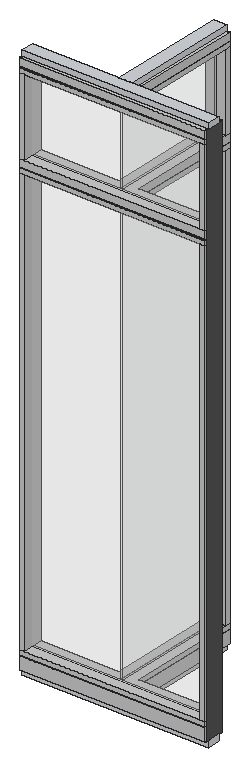
Revit family "Haworth_Enclose_Wall_Glass3wayTransom", category Furniture Systems, Revit 2018
Family settings
  Round Connector Dimension = Use Diameter
  Part Type = Normal
  OmniClass Number = 23.25.40.14
  OmniClass Title = Demountable Partitions
  Work Plane-Based = No
  Always vertical = Yes
  Cut with Voids When Loaded = No
  Shared = Yes
  Room Calculation Point = No
Parameters (values of type "36" x 108"")
  Width 2 = 24"
  Warranty = "http://www.haworth.com/resources/product-info/warranties"
  URL - Product = "http://www.haworth.com/products/architectural-interiors/moveable-walls/enclose"
  Type Comments = ""
  Sustainability Info = "http://www.haworth.com/company-info/sustainablility"
  Panel Width 2 = Actual Width 2 - Vertical Frame Width - End of Run Width - 0.2"  # 22.77"
  Panel Height 2 = Actual Height - Actual Glass Panel Height - Horizontal Transom Frame Width - Horizontal Top Adjuster Width - Horizontal Frame Width  # 14"
  Model = "Haworth Enclose Wall"  # constant formula
  Min. Width 2 = 12"  # constant formula
  Material Options = "http://surfaces.haworth.com/haworth-surface-collection"
  Width = 36"
  Vertical Frame Width = 0.875"  # constant formula
  URL = "www.haworth.com"
  Size = "Verify Final Dim. w/ Haworth"  # constant formula
  Revision Number = "3"  # constant formula
  Panel Width 1 = Actual Width - (2 * Vertical Frame Width) - (2 * End of Run Width)  # 33.94"
  Panel Height 1 = Actual Glass Panel Height - Horizontal Bottom Adjuster Width - Horizontal Frame Width  # 83.255"
  Panel Depth = 0.4"  # constant formula
  Min/Max Width = "8-60 in."  # constant formula
  Min/Max Height = "92-144 in."  # constant formula
  Horizontal Transom Frame Width = 2.5"  # constant formula
  Horizontal Top Trim Width = 1.43"  # constant formula
  Horizontal Top Adjuster Width = Cap Height + Horizontal Top Trim Width + 0.195"  # 2.625"
  Horizontal Bottom Adjuster Width = Base Height + Horizontal Bottom Trim Width + 0.195"  # 3.87"
  Glass Offset = Horizontal Bottom Adjuster Width + Horizontal Frame Width  # 4.745"
  Min. Width = 8"  # constant formula
  Max. Width = 60"  # constant formula
  Min. Height = 92"  # constant formula
  Max. Height = 144"  # constant formula
  Manufacturer = "Haworth"  # constant formula
  Horizontal Frame Width = 0.875"  # constant formula
  Horizontal Bottom Trim Width = 2.425"  # constant formula
  Height = 108"
  Glass Finish = Haworth _ Glass _ Clear
  Frame Finish = Haworth _ Metal _ Brushed Aluminum
  End of Run Width = 0.155"  # constant formula
  Frame Depth = 4"  # constant formula
  End of Run Panel 2 Width [instance] = if(End of Run Panel 2, 1.845", 0.155")  # 0.155"
  End of Run Right Width [instance] = if(End of Run Right, 1.845", End of Run Width)  # 0.155"
  End of Run Panel 2 [instance] = no
  End of Run Right [instance] = no
  End of Run Left Width [instance] = if(End of Run Left, 1.845", End of Run Width)  # 0.155"
  End of Run Left [instance] = no
  End of Run Finish = Haworth _ Polymer _ Black
  Description = "Glass_3way_Transom"  # constant formula
  Ceiling Mount = yes
  Cap Height = 1"  # constant formula
  Base Height = 1.25"  # constant formula
  Author = "SHAPE Environments, LLC"  # constant formula
  Assembly Code = "C1010200"
  Actual Width 2 = if(Width 2 < Min. Width 2, Min. Width 2, if(Width 2 > Max. Width, Max. Width, Width 2))  # 24"
  Actual Width = if(Width < Min. Width, Min. Width, if(Width > Max. Width, Max. Width, Width))  # 36"
  Transom Panel Height = Actual Height - Actual Glass Panel Height  # 20"
  Glass Panel Height = 88"
  Actual Height = if(Height < Min. Height, Min. Height, if(Height > Max. Height, Max. Height, Height))  # 108"
  Actual Glass Panel Height = if(Glass Panel Height < 80.59" + Base Height, 80.59" + Base Height, if(Glass Panel Height > Actual Height - Cap Height - 8", Actual Height - Cap Height - 8", Glass Panel Height))  # 88"
Types (7): name | Width | Panel Width 1 | Actual Width
  36" x 108" | 36" | 33.94" | 36"
  24" x 108" | 24" | 21.94" | 24"
  30" x 108" | 30" | 27.94" | 30"
  42" x 108" | 42" | 39.94" | 42"
  48" x 108" | 48" | 45.94" | 48"
  54" x 108" | 54" | 51.94" | 54"
  60" x 108" | 60" | 57.94" | 60"
Reference planes (in)
  plane 1 "Center F/B": y = -0.17786
  plane 2: z = 0
  plane 3 "Center L/R": x = -2.36364
  plane 4 "Left": x = -20.36364
  plane 5 "Right": x = 15.63636
  plane 6 "Top": z = 108
  plane 7 "Back": y = 1.82214
  plane 8 "Front": y = -2.17786
  plane 9 "Left Frame Outside": x = -20.20864
  plane 10 "Left Frame Inside": x = -19.33364
  plane 11 "Right Frame Outside": x = 15.48136
  plane 12 "Right Frame Inside": x = 14.60636
  plane 13 "End of Run Right": x = 15.63636
  plane 14 "End of Run Left": x = -20.36364
  plane 15 "Top Frame Outside": z = 105.375
  plane 16 "Top Trim Outside": z = 107
  plane 17 "Top Frame Inside": z = 104.5
  plane 18 "Bottom Frame Outside": z = 3.87
  plane 19 "Bottom Adjuster": z = 1.25
  plane 20 "Bottom Frame Inside": z = 4.745
  plane 21 "3 Way Frame Inside": y = 22.79214
  plane 22 "3 Way Frame Outside": y = 23.66714
  plane 23 "End of Run Panel 2": y = 23.82214
  plane 24: y = 23.82214
  plane 25 "3 Way Back": x = -4.36364
  plane 26 "3 Way Front": x = -0.36364
  plane 27 "Transition Trim": z = 89.625
  plane 28 "Transition Frame": z = 88
  plane 29 "Panel Transition": z = 87.125
Forms (in)
  Sweep 1, solid, material "Haworth _ Polymer _ Black" <- "End of Run Finish"
    path origin (0, -0.17786, 0) x (1, 0, 0) y (0, 0, 1)
      loop
        line (-20.20864, 107) -> (-20.20864, 1.25)
    profile "Haworth_Enclose - Postcap : Left" origin (-20.20864, -0.17786, 54.125) x (1, 0, 0) y (0, -1, 0)
      loop
        line (0, 1.805) -> (-0.155, 1.805) -> (-0.155, -1.805) -> (0, -1.805) -> (0, 1.805)
  Sweep 2, solid, material "Haworth _ Polymer _ Black" <- "End of Run Finish"
    path origin (0, -0.17786, 0) x (1, 0, 0) y (0, 0, 1)
      loop
        line (15.48136, 107) -> (15.48136, 1.25)
    profile "Haworth_Enclose - Postcap : Right" origin (15.48136, -0.17786, 54.125) x (1, 0, 0) y (0, -1, 0)
      loop
        line (0, 1.805) -> (0, -1.805) -> (0.155, -1.805) -> (0.155, 1.805) -> (0, 1.805)
  Sweep 3, solid, material "Haworth _ Metal _ Brushed Aluminum" <- "Frame Finish"
    path origin (0, -0.17786, 0) x (1, 0, 0) y (0, 0, 1)
      loop
        line (-20.20864, 87.125) -> (-20.20864, 4.745)
    profile "Haworth_Enclose - Vertical_Frame : Vertical" origin (-20.20864, -0.17786, 45.935) x (1, 0, 0) y (0, -1, 0)
      loop
        line (0, 2) -> (0, -2) -> (0.875, -2) -> (0.875, 2) -> (0, 2)
  Sweep 4, solid, material "Haworth _ Metal _ Brushed Aluminum" <- "Frame Finish"
    path origin (0, -0.17786, 0) x (1, 0, 0) y (0, 0, 1)
      loop
        line (15.48136, 87.125) -> (15.48136, 4.745)
    profile "Haworth_Enclose - Vertical_Frame : Vertical" origin (15.48136, -0.17786, 45.935) x (1, 0, 0) y (0, -1, 0)
      loop
        line (0, 2) -> (-0.875, 2) -> (-0.875, -2) -> (0, -2) -> (0, 2)
  Sweep 5, solid, material "Haworth _ Metal _ Brushed Aluminum" <- "Frame Finish"
    path origin (0, -0.17786, 0) x (1, 0, 0) y (0, 0, 1)
      loop
        line (15.48136, 104.5) -> (-20.20864, 104.5)
    profile "Haworth_Enclose - Horizontal_Frame : Horizontal" origin (-2.36364, -0.17786, 104.5) x (0, 0, -1) y (0, -1, 0)
      loop
        line (0, 2) -> (-0.875, 2) -> (-0.875, -2) -> (0, -2) -> (0, 2)
  Sweep 6, solid, material "Haworth _ Metal _ Brushed Aluminum" <- "Frame Finish"
    path origin (0, -0.17786, 0) x (1, 0, 0) y (0, 0, 1)
      loop
        line (-20.20864, 107) -> (15.48136, 107)
    profile "Haworth_Enclose - Horizontal_Trim : Top" origin (-2.36364, -0.17786, 107) x (0, 0, 1) y (0, -1, 0)
      loop
        line (0, 2) -> (-1.43, 2) -> (-1.43, 1.805) -> (-1.625, 1.805) -> (-1.625, -1.805) -> (-1.43, -1.805) -> (-1.43, -2) -> (0, -2) -> (0, 2)
  Sweep 7, solid, visible <- "Ceiling Mount"
    path origin (0, -0.17786, 0) x (1, 0, 0) y (0, 0, 1)
      loop
        line (-20.36364, 108) -> (15.63636, 108)
    profile "Haworth_Enclose - Horizontal_Track : Ceiling" origin (-2.36364, -0.17786, 108) x (0, 0, 1) y (0, -1, 0)
      loop
        line (0, 1.28) -> (-1, 1.28) -> (-1, -1.28) -> (0, -1.28) -> (0, 1.28)
  Sweep 8, solid
    path origin (0, -0.17786, 0) x (1, 0, 0) y (0, 0, 1)
      loop
        line (15.63636, 0) -> (-20.36364, 0)
    profile "Haworth_Enclose - Horizontal_Track : Base" origin (-2.36364, -0.17786, 0) x (0, 0, -1) y (0, -1, 0)
      loop
        line (0, 1.28) -> (-1.25, 1.28) -> (-1.25, -1.28) -> (0, -1.28) -> (0, 1.28)
  Sweep 9, solid, material "Haworth _ Metal _ Brushed Aluminum" <- "Frame Finish"
    path origin (0, -0.17786, 0) x (1, 0, 0) y (0, 0, 1)
      loop
        line (-20.20864, 4.745) -> (15.48136, 4.745)
    profile "Haworth_Enclose - Horizontal_Frame : Horizontal" origin (-2.36364, -0.17786, 4.745) x (0, 0, 1) y (0, -1, 0)
      loop
        line (0, 2) -> (-0.875, 2) -> (-0.875, -2) -> (0, -2) -> (0, 2)
  Sweep 10, solid, material "Haworth _ Metal _ Brushed Aluminum" <- "Frame Finish"
    path origin (0, -0.17786, 0) x (1, 0, 0) y (0, 0, 1)
      loop
        line (15.48136, 1.25) -> (-20.20864, 1.25)
    profile "Haworth_Enclose - Horizontal_Trim : Bottom" origin (-2.36364, -0.17786, 1.25) x (0, 0, -1) y (0, -1, 0)
      loop
        line (0, 2) -> (-2.425, 2) -> (-2.425, 1.805) -> (-2.62, 1.805) -> (-2.62, -1.805) -> (-2.425, -1.805) -> (-2.425, -2) -> (0, -2) -> (0, 2)
  Sweep 11, solid, visible <- "Ceiling Mount"
    path origin (-2.36364, 0, 0) x (0, 1, 0) y (0, 0, 1)
      loop
        line (1.10214, 108) -> (23.82214, 108)
    profile "Haworth_Enclose - Horizontal_Track : Ceiling" origin (-2.36364, 12.46214, 108) x (0, 0, 1) y (1, 0, 0)
      loop
        line (0, 1.28) -> (-1, 1.28) -> (-1, -1.28) -> (0, -1.28) -> (0, 1.28)
  Sweep 12, solid, material "Haworth _ Metal _ Brushed Aluminum" <- "Frame Finish"
    path origin (-2.36364, 0, 0) x (0, 1, 0) y (0, 0, 1)
      loop
        line (23.66714, 104.5) -> (1.82214, 104.5)
    profile "Haworth_Enclose - Horizontal_Frame : Horizontal" origin (-2.36364, 12.74464, 104.5) x (0, 0, -1) y (1, 0, 0)
      loop
        line (0, 2) -> (-0.875, 2) -> (-0.875, -2) -> (0, -2) -> (0, 2)
  Sweep 13, solid, material "Haworth _ Metal _ Brushed Aluminum" <- "Frame Finish"
    path origin (-2.36364, 0, 0) x (0, 1, 0) y (0, 0, 1)
      loop
        line (1.82214, 107) -> (23.66714, 107)
    profile "Haworth_Enclose - Horizontal_Trim : Top" origin (-2.36364, 12.74464, 107) x (0, 0, 1) y (1, 0, 0)
      loop
        line (0, 2) -> (-1.43, 2) -> (-1.43, 1.805) -> (-1.625, 1.805) -> (-1.625, -1.805) -> (-1.43, -1.805) -> (-1.43, -2) -> (0, -2) -> (0, 2)
  Sweep 14, solid, material "Haworth _ Polymer _ Black" <- "End of Run Finish"
    path origin (-2.36364, 0, 0) x (0, 1, 0) y (0, 0, 1)
      loop
        line (23.66714, 1.25) -> (23.66714, 107)
    profile "Haworth_Enclose - Postcap : Panel 2" origin (-2.36364, 23.66714, 54.125) x (0, -1, 0) y (1, 0, 0)
      loop
        line (0, 1.805) -> (-0.155, 1.805) -> (-0.155, -1.805) -> (0, -1.805) -> (0, 1.805)
  Sweep 15, solid, material "Haworth _ Metal _ Brushed Aluminum" <- "Frame Finish"
    path origin (-2.36364, 0, 0) x (0, 1, 0) y (0, 0, 1)
      loop
        line (22.79214, 87.125) -> (22.79214, 4.745)
    profile "Haworth_Enclose - Vertical_Frame : Vertical" origin (-2.36364, 22.79214, 45.935) x (0, 1, 0) y (1, 0, 0)
      loop
        line (0, 2) -> (0, -2) -> (0.875, -2) -> (0.875, 2) -> (0, 2)
  Sweep 16, solid
    path origin (-2.36364, 0, 135.43338) x (0, 1, 0) y (0, 0, -1)
      loop
        line (1.10214, 135.43338) -> (23.82214, 135.43338)
    profile "Haworth_Enclose - Horizontal_Track : Base" origin (-2.36364, 12.46214, 0) x (0, 0, 1) y (1, 0, 0)
      loop
        line (0, 1.28) -> (0, -1.28) -> (1.25, -1.28) -> (1.25, 1.28) -> (0, 1.28)
  Sweep 17, solid, material "Haworth _ Metal _ Brushed Aluminum" <- "Frame Finish"
    path origin (-2.36364, 0, 135.43338) x (0, 1, 0) y (0, 0, -1)
      loop
        line (23.66714, 130.68838) -> (1.82214, 130.68838)
    profile "Haworth_Enclose - Horizontal_Frame : Horizontal" origin (-2.36364, 12.74464, 4.745) x (0, 0, -1) y (1, 0, 0)
      loop
        line (0, 2) -> (0, -2) -> (0.875, -2) -> (0.875, 2) -> (0, 2)
  Sweep 18, solid, material "Haworth _ Metal _ Brushed Aluminum" <- "Frame Finish"
    path origin (-2.36364, 0, 135.43338) x (0, 1, 0) y (0, 0, -1)
      loop
        line (1.82214, 134.18338) -> (23.66714, 134.18338)
    profile "Haworth_Enclose - Horizontal_Trim : Bottom" origin (-2.36364, 12.74464, 1.25) x (0, 0, 1) y (1, 0, 0)
      loop
        line (0, 2) -> (0, -2) -> (2.425, -2) -> (2.425, -1.805) -> (2.62, -1.805) -> (2.62, 1.805) -> (2.425, 1.805) -> (2.425, 2) -> (0, 2)
  Sweep 19, solid, material "Haworth _ Metal _ Brushed Aluminum" <- "Frame Finish"
    path origin (0, -0.17786, 0) x (1, 0, 0) y (0, 0, 1)
      loop
        line (-20.20864, 89.625) -> (15.48136, 89.625)
    profile "Haworth_Enclose - Horizontal_Trim : Transom" origin (-2.36364, -0.17786, 89.625) x (0, 0, 1) y (0, -1, 0)
      loop
        line (0, 2) -> (-1.43, 2) -> (-1.43, 1.805) -> (-1.625, 1.805) -> (-1.625, -1.805) -> (-1.43, -1.805) -> (-1.43, -2) -> (0, -2) -> (0, 2)
  Sweep 20, solid, material "Haworth _ Metal _ Brushed Aluminum" <- "Frame Finish"
    path origin (0, -0.17786, 0) x (1, 0, 0) y (0, 0, 1)
      loop
        line (15.48136, 87.125) -> (-20.20864, 87.125)
    profile "Haworth_Enclose - Horizontal_Frame : Horizontal" origin (-2.36364, -0.17786, 87.125) x (0, 0, -1) y (0, -1, 0)
      loop
        line (0, 2) -> (-0.875, 2) -> (-0.875, -2) -> (0, -2) -> (0, 2)
  Sweep 21, solid, material "Haworth _ Metal _ Brushed Aluminum" <- "Frame Finish"
    path origin (0, -0.17786, 88) x (1, 0, 0) y (0, 0, 1)
      loop
        line (-20.20864, 16.5) -> (-20.20864, 1.625)
    profile "Haworth_Enclose - Vertical_Frame : Vertical" origin (-20.20864, -0.17786, 97.0625) x (1, 0, 0) y (0, -1, 0)
      loop
        line (0, 2) -> (0, -2) -> (0.875, -2) -> (0.875, 2) -> (0, 2)
  Sweep 22, solid, material "Haworth _ Metal _ Brushed Aluminum" <- "Frame Finish"
    path origin (0, -0.17786, 88) x (1, 0, 0) y (0, 0, 1)
      loop
        line (15.48136, 16.5) -> (15.48136, 1.625)
    profile "Haworth_Enclose - Vertical_Frame : Vertical" origin (15.48136, -0.17786, 97.0625) x (1, 0, 0) y (0, -1, 0)
      loop
        line (0, 2) -> (-0.875, 2) -> (-0.875, -2) -> (0, -2) -> (0, 2)
  Sweep 23, solid, material "Haworth _ Metal _ Brushed Aluminum" <- "Frame Finish"
    path origin (-2.36364, 0, -14) x (0, 1, 0) y (0, 0, 1)
      loop
        line (23.66714, 101.125) -> (1.82214, 101.125)
    profile "Haworth_Enclose - Horizontal_Frame : Horizontal" origin (-2.36364, 12.74464, 87.125) x (0, 0, -1) y (1, 0, 0)
      loop
        line (0, 2) -> (-0.875, 2) -> (-0.875, -2) -> (0, -2) -> (0, 2)
  Sweep 24, solid, material "Haworth _ Metal _ Brushed Aluminum" <- "Frame Finish"
    path origin (-2.36364, 0, -14) x (0, 1, 0) y (0, 0, 1)
      loop
        line (1.82214, 103.625) -> (23.66714, 103.625)
    profile "Haworth_Enclose - Horizontal_Trim : Transom" origin (-2.36364, 12.74464, 89.625) x (0, 0, 1) y (1, 0, 0)
      loop
        line (0, 2) -> (-1.43, 2) -> (-1.43, 1.805) -> (-1.625, 1.805) -> (-1.625, -1.805) -> (-1.43, -1.805) -> (-1.43, -2) -> (0, -2) -> (0, 2)
  Sweep 25, solid, material "Haworth _ Metal _ Brushed Aluminum" <- "Frame Finish"
    path origin (-2.36364, 0, 93) x (0, 1, 0) y (0, 0, 1)
      loop
        line (22.79214, 11.5) -> (22.79214, -3.375)
    profile "Haworth_Enclose - Vertical_Frame : Vertical" origin (-2.36364, 22.79214, 97.0625) x (0, 1, 0) y (1, 0, 0)
      loop
        line (0, 2) -> (0, -2) -> (0.875, -2) -> (0.875, 2) -> (0, 2)
Cuts and joins
  joined: Sweep 9, Sweep 17
  joined: Sweep 10, Sweep 18
  joined: Sweep 19, Sweep 24
  joined: Sweep 20, Sweep 23
  joined: Sweep 6, Sweep 13
  joined: Sweep 5, Sweep 12
Lines and regions (in)
  Masking region 1
    outline origin (0, 0, 0) x (1, 0, 0) y (0, 1, 0)
      loop
        line (-20.36364, 1.82214) -> (-20.36364, -2.17786) -> (15.63636, -2.17786) -> (15.63636, 1.82214) -> (-0.36364, 1.82214) -> (-0.36364, 23.82214) -> (-4.36364, 23.82214) -> (-4.36364, 1.82214) -> (-20.36364, 1.82214)
  symbolic lines, style "Haworth", detail levels medium+fine
    curve 1: line (14.60636, 1.82214, 0) -> (14.60636, -2.17786, 0)
    curve 2: line (14.60636, -0.37786, 0) -> (-19.33364, -0.37786, 0)
    curve 3: line (14.60636, 0.02214, 0) -> (-2.16364, 0.02214, 0)
    curve 4: line (-19.33364, -2.17786, 0) -> (-19.33364, 1.82214, 0)
    curve 5: line (-4.36364, 22.79214, 0) -> (-0.36364, 22.79214, 0)
    curve 6: line (-2.56364, 22.79214, 0) -> (-2.56364, 0.02214, 0)
    curve 7: line (-2.16364, 0.02214, 0) -> (-2.16364, 22.79214, 0)
    curve 8: line (-2.56364, 0.02214, 0) -> (-19.33364, 0.02214, 0)
Dimensions and locks (in)
  equal spacing: plane 4 "Left", plane 3 "Center L/R", plane 5 "Right"
  "Actual Width": plane 4 "Left" to plane 5 "Right"
  "End of Run Width": plane 4 "Left" to plane 9 "Left Frame Outside"
  "Vertical Frame Width": plane 9 "Left Frame Outside" to plane 10 "Left Frame Inside"
  "End of Run Width": plane 11 "Right Frame Outside" to plane 5 "Right"
  "End of Run Right Width": plane 11 "Right Frame Outside" to plane 13 "End of Run Right"
  "End of Run Left Width": plane 14 "End of Run Left" to plane 9 "Left Frame Outside"
  "Vertical Frame Width": plane 12 "Right Frame Inside" to plane 11 "Right Frame Outside"
  equal spacing: plane 7 "Back", plane 1 "Center F/B", plane 8 "Front"
  "Frame Depth": plane 7 "Back" to plane 8 "Front"
  "Actual Height": plane 6 "Top" to level
  "Cap Height": plane 6 "Top" to plane 16 "Top Trim Outside"
  "Horizontal Frame Width": plane 15 "Top Frame Outside" to plane 17 "Top Frame Inside"
  "Base Height": plane 19 "Bottom Adjuster" to level
  "Horizontal Frame Width": plane 20 "Bottom Frame Inside" to plane 18 "Bottom Frame Outside"
  "Horizontal Bottom Adjuster Width": plane 18 "Bottom Frame Outside" to plane 2
  "Horizontal Top Adjuster Width": plane 6 "Top" to plane 15 "Top Frame Outside"
  "Vertical Frame Width": plane 22 "3 Way Frame Outside" to plane 21 "3 Way Frame Inside"
  "End of Run Width": plane 24 to plane 22 "3 Way Frame Outside"
  "End of Run Panel 2 Width": plane 23 "End of Run Panel 2" to plane 22 "3 Way Frame Outside"
  equal spacing: plane 25 "3 Way Back", plane 3 "Center L/R", plane 26 "3 Way Front"
  "Frame Depth": plane 25 "3 Way Back" to plane 26 "3 Way Front"
  "Horizontal Frame Width": plane 28 "Transition Frame" to plane 29 "Panel Transition"
  "Horizontal Transom Frame Width": plane 27 "Transition Trim" to plane 29 "Panel Transition"
  "Actual Glass Panel Height": plane 28 "Transition Frame" to plane 2
  "Actual Width 2": plane 1 "Center F/B" to plane 24
  aligned and locked: Sweep 1 sketch curve to plane 9 "Left Frame Outside"
  aligned and locked: Sweep 2 sketch curve to plane 11 "Right Frame Outside"
  aligned and locked: Sweep 3 sketch curve to plane 9 "Left Frame Outside"
  aligned and locked: plane 20 "Bottom Frame Inside" to Sweep 3 sketch curve
  aligned and locked: Sweep 4 sketch curve to plane 11 "Right Frame Outside"
  aligned and locked: plane 20 "Bottom Frame Inside" to Sweep 4 sketch curve
  aligned and locked: plane 3 "Center L/R" to nested 1
  aligned and locked: plane 1 "Center F/B" to nested 1
  aligned and locked: nested 1 to plane 20 "Bottom Frame Inside"
  aligned and locked: curve 1 to Sweep 4
  aligned and locked: nested 1 to curve 2
  aligned and locked: nested 1 to curve 3
  aligned and locked: curve 4 to Sweep 3
  aligned and locked: plane 17 "Top Frame Inside" to Sweep 5 sketch curve
  aligned and locked: plane 9 "Left Frame Outside" to Sweep 5 sketch curve
  aligned and locked: plane 11 "Right Frame Outside" to Sweep 5 sketch curve
  aligned and locked: Sweep 6 sketch curve to plane 16 "Top Trim Outside"
  aligned and locked: plane 11 "Right Frame Outside" to Sweep 6 sketch curve
  aligned and locked: plane 9 "Left Frame Outside" to Sweep 6 sketch curve
  aligned and locked: plane 13 "End of Run Right" to Sweep 7 sketch curve
  aligned and locked: plane 14 "End of Run Left" to Sweep 7 sketch curve
  aligned and locked: plane 14 "End of Run Left" to Sweep 8 sketch curve
  aligned and locked: plane 13 "End of Run Right" to Sweep 8 sketch curve
  aligned and locked: Sweep 9 sketch curve to plane 20 "Bottom Frame Inside"
  aligned and locked: plane 11 "Right Frame Outside" to Sweep 9 sketch curve
  aligned and locked: plane 9 "Left Frame Outside" to Sweep 9 sketch curve
  aligned and locked: plane 19 "Bottom Adjuster" to Sweep 10 sketch curve
  aligned and locked: plane 9 "Left Frame Outside" to Sweep 10 sketch curve
  aligned and locked: plane 11 "Right Frame Outside" to Sweep 10 sketch curve
  aligned and locked: plane 2 to Sweep 8 sketch curve
  aligned and locked: Sweep 7 sketch curve to plane 6 "Top"
  aligned and locked: Masking region 1 sketch curve to plane 7 "Back"
  aligned and locked: plane 8 "Front" to Masking region 1 sketch curve
  aligned and locked: plane 19 "Bottom Adjuster" to Sweep 1 sketch curve
  aligned and locked: plane 16 "Top Trim Outside" to Sweep 1 sketch curve
  aligned and locked: plane 16 "Top Trim Outside" to Sweep 2 sketch curve
  aligned and locked: plane 19 "Bottom Adjuster" to Sweep 2 sketch curve
  aligned and locked: Sweep 11 sketch curve to plane 6 "Top"
  aligned and locked: plane 17 "Top Frame Inside" to Sweep 12 sketch curve
  aligned and locked: plane 22 "3 Way Frame Outside" to Sweep 12 sketch curve
  aligned and locked: plane 7 "Back" to Sweep 12 sketch curve
  aligned and locked: Sweep 13 sketch curve to plane 16 "Top Trim Outside"
  aligned and locked: plane 22 "3 Way Frame Outside" to Sweep 13 sketch curve
  aligned and locked: plane 7 "Back" to Sweep 13 sketch curve
  aligned and locked: plane 22 "3 Way Frame Outside" to Sweep 14 sketch curve
  aligned and locked: plane 16 "Top Trim Outside" to Sweep 14 sketch curve
  aligned and locked: plane 19 "Bottom Adjuster" to Sweep 14 sketch curve
  aligned and locked: Sweep 15 sketch curve to plane 21 "3 Way Frame Inside"
  aligned and locked: plane 20 "Bottom Frame Inside" to Sweep 15 sketch curve
  aligned and locked: Sweep 16 sketch curve to plane 2
  aligned and locked: Sweep 18 sketch curve to plane 19 "Bottom Adjuster"
  aligned and locked: plane 22 "3 Way Frame Outside" to Sweep 18 sketch curve
  aligned and locked: plane 7 "Back" to Sweep 18 sketch curve
  aligned and locked: plane 20 "Bottom Frame Inside" to Sweep 17 sketch curve
  aligned and locked: plane 22 "3 Way Frame Outside" to Sweep 17 sketch curve
  aligned and locked: plane 7 "Back" to Sweep 17 sketch curve
  aligned and locked: nested 2 to plane 3 "Center L/R"
  aligned: plane 1 "Center F/B" to nested 2
  aligned and locked: nested 2 to plane 21 "3 Way Frame Inside"
  aligned and locked: curve 6 to nested 2
  aligned and locked: curve 7 to nested 2
  aligned and locked: plane 25 "3 Way Back" to Masking region 1 sketch curve
  aligned and locked: Masking region 1 sketch curve to plane 26 "3 Way Front"
  aligned and locked: Masking region 1 sketch curve to plane 23 "End of Run Panel 2"
  aligned and locked: Sweep 7 to Sweep 11 sketch curve
  aligned and locked: Sweep 19 sketch curve to plane 27 "Transition Trim"
  aligned and locked: plane 29 "Panel Transition" to Sweep 20 sketch curve
  aligned and locked: plane 11 "Right Frame Outside" to Sweep 20 sketch curve
  aligned and locked: plane 9 "Left Frame Outside" to Sweep 20 sketch curve
  aligned and locked: plane 11 "Right Frame Outside" to Sweep 19 sketch curve
  aligned and locked: plane 9 "Left Frame Outside" to Sweep 19 sketch curve
  aligned and locked: plane 29 "Panel Transition" to Sweep 3 sketch curve
  aligned and locked: plane 29 "Panel Transition" to Sweep 4 sketch curve
  aligned and locked: plane 27 "Transition Trim" to Sweep 21 sketch curve
  aligned and locked: plane 17 "Top Frame Inside" to Sweep 21 sketch curve
  aligned and locked: plane 27 "Transition Trim" to Sweep 22 sketch curve
  aligned and locked: plane 17 "Top Frame Inside" to Sweep 22 sketch curve
  aligned and locked: nested 3 to plane 27 "Transition Trim"
  aligned and locked: plane 29 "Panel Transition" to Sweep 23 sketch curve
  aligned and locked: plane 22 "3 Way Frame Outside" to Sweep 23 sketch curve
  aligned and locked: plane 7 "Back" to Sweep 23 sketch curve
  aligned and locked: Sweep 24 sketch curve to plane 27 "Transition Trim"
  aligned and locked: plane 22 "3 Way Frame Outside" to Sweep 24 sketch curve
  aligned and locked: plane 7 "Back" to Sweep 24 sketch curve
  aligned and locked: plane 29 "Panel Transition" to Sweep 15 sketch curve
  aligned and locked: plane 27 "Transition Trim" to Sweep 25 sketch curve
  aligned and locked: plane 17 "Top Frame Inside" to Sweep 25 sketch curve
  aligned and locked: Sweep 25 sketch curve to plane 21 "3 Way Frame Inside"
  aligned and locked: nested 4 to plane 27 "Transition Trim"
  aligned and locked: nested 4 to plane 21 "3 Way Frame Inside"
  aligned and locked: Masking region 1 to plane 14 "End of Run Left"
  aligned and locked: plane 13 "End of Run Right" to Masking region 1
  aligned and locked: Sweep 16 sketch curve to Sweep 8
  aligned and locked: nested 1 to curve 8
  aligned and locked: plane 23 "End of Run Panel 2" to Sweep 11 sketch curve
  aligned and locked: plane 23 "End of Run Panel 2" to Sweep 16 sketch curve
Automatic sketch dimensions
  Masking region 1 sketch curve to plane 4 "Left" = 0"
  plane 5 "Right" to Masking region 1 sketch curve = 0"
  Masking region 1 sketch curve to plane 7 "Back" = 0"
  Sweep 21 sketch curve to plane 9 "Left Frame Outside" = 0"
  Sweep 22 sketch curve to plane 11 "Right Frame Outside" = 0"
  curve 5 to plane 21 "3 Way Frame Inside" = 0"
  curve 5 to plane 25 "3 Way Back" = 0"
  curve 5 to plane 26 "3 Way Front" = 0"
  curve 1 to plane 8 "Front" = 0"
  curve 4 to plane 8 "Front" = 0"
  curve 4 to plane 7 "Back" = 0"
  curve 1 to plane 7 "Back" = 0"
Nested families (in)
  nested 1: "Haworth_Enclose - Panel_Glass" at (-3.54385, -0.14763, 4.745), type "Glass"
    with Panel Width 33.94", Panel Height 83.255", Panel Depth 0.4"
  nested 2: "Haworth_Enclose - Panel_Glass" at (-2.33341, 12.58734, 4.75) x (0, -1, 0) z (0, 0, 1), type "Glass 2"
    with Panel Width 22.77", Panel Height 83.255", Panel Depth 0.4"
  nested 3: "Haworth_Enclose - Panel_Glass" at (-3.54385, -0.14763, 89.625), type "Glass_Transom"
    with Panel Width 33.94", Panel Height 14", Panel Depth 0.4"
  nested 4: "Haworth_Enclose - Panel_Glass" at (-2.33341, 12.58734, 89.625) x (0, -1, 0) z (0, 0, 1), type "Glass_Transom 2"
    with Panel Width 22.77", Panel Height 14", Panel Depth 0.4"
Definition of nested family "Haworth_Enclose - Panel_Glass"
  Parameters
    Panel Width = 36"
    Panel Height = 108"
    Panel Finish = none
    Panel Depth = 0.5"
  Reference planes (in)
    plane 1 "Center F/B": y = -0.03024
    plane 2: z = 0
    plane 3 "Center L/R": x = 1.1802
    plane 4 "Left": x = -16.8198
    plane 5 "Right": x = 19.1802
    plane 6 "Back": y = 0.21976
    plane 7 "Front": y = -0.28024
    plane 8 "Top": z = 108
  Forms (in)
    Extrusion 1, solid, material <- "Panel Finish"
      sketch origin (0, -0.03024, 0) x (1, 0, 0) y (0, 0, 1)
        loop
          line (-16.8198, 108) -> (-16.8198, 0) -> (19.1802, 0) -> (19.1802, 108) -> (-16.8198, 108)
      from -0.25 to 0.25
  Dimensions and locks (in)
    "Panel Height": plane 8 "Top" to level
    equal spacing: plane 6 "Back", plane 1 "Center F/B", plane 7 "Front"
    "Panel Depth": plane 6 "Back" to plane 7 "Front"
    equal spacing: plane 4 "Left", plane 3 "Center L/R", plane 5 "Right"
    "Panel Width": plane 4 "Left" to plane 5 "Right"
    aligned and locked: plane 4 "Left" to Extrusion 1 sketch curve
    aligned and locked: Extrusion 1 sketch curve to plane 8 "Top"
    aligned and locked: level to Extrusion 1 sketch curve
    aligned and locked: Extrusion 1 sketch curve to plane 5 "Right"
    aligned and locked: plane 6 "Back" to Extrusion 1
    aligned and locked: Extrusion 1 to plane 7 "Front"
